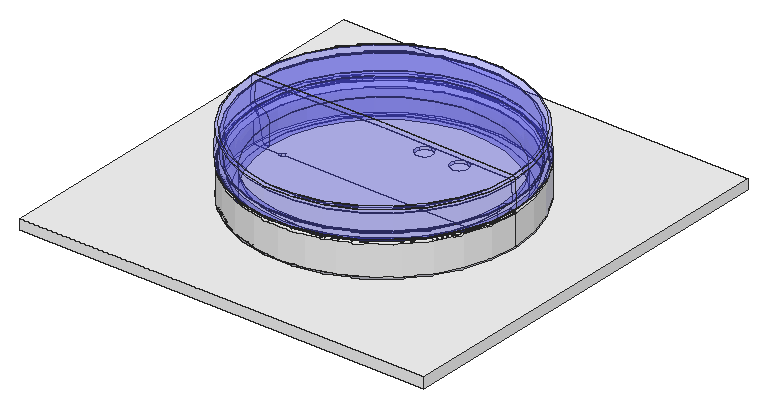
Revit family "BE_12130.1_de_DE", category Leuchten, Revit 2015
Parameters (values of type "BEGA_12130.1_K4")
  built-in parameter 1150104 = 11.053 (stored number, unit not read)
  Wattage = 17.4 W
  Default Elevation = 0 mm
  built-in parameter 1150113 = 1 (stored number, unit not read)
  built-in parameter 1114218 = 1 (stored number, unit not read)
  Umgebungstemperatur = ""
  URL = "http://www.bega.de/produkt/12130.1"
  Typenkommentare = "© 2017 BEGA. Wir behalten uns das Recht vor, technische Änderungen ohne vorherige Ankündigung vorzunehmen."  # constant formula
  built-in parameter 1150134 = 12
  built-in parameter 1150109 = 1 (stored number, unit not read)
  Strom = ""
  built-in parameter 1150110 = 1 (stored number, unit not read)
  Spannung = 239.996 V
  Sonderanfertigung = no
  Seriennummer [instance] = "Hier können Sie die eindeutige Seriennummer für das Facility Management eintragen."
  Schutzklasse = "I"
  Schutzart = "IP 65"
  Scheinlast = 0 VA
  Produktdatenblatt = "http://www.bega.de/download/Xrfa/db/12130.1.db.de.pdf"
  Oberflächentemperatur = ""
  Neigungswinkel = 0.00°
  Modell = "12130.1K4"
  Material_17 = BEGA_Reflektor
  Material_15 = BEGA_Leuchtmedium_matt
  Material_11 = BEGA_Glas_opal
  Material_09 = BEGA_Glas_klar
  Material_06 = BEGA_Oberfläche_Edelstahl_gebürstet
  Material_05 = BEGA_Oberfläche_Aluminium Guss
  Material_03 = BEGA_Oberfläche_Weiss_matt
  Material_02 = BEGA_Oberfläche_Silber_matt
  Material_01 [instance] = BEGA_Oberfläche_Grafit_matt
  M_W = no
  M_G = no
  M_A = no
  Logo = 0
  built-in parameter 1114217 = 1 (stored number, unit not read)
  built-in parameter 1150139 = (empty or 0)
  built-in parameter 1150105 = 164.73 (stored number, unit not read)
  built-in parameter 1150114 = 1 (stored number, unit not read)
  Lumens = 2070.08 lm
  built-in parameter 1150115 = 1 (stored number, unit not read)
  Leuchtenlichtstrom = "1123 lm"
  Leuchtenanzahl = ""
  Lebensdauerkriterien = "L70 = 50.000 h"
  Lastklassifizierung = Beleuchtung
  built-in parameter 1150112 = 1 (stored number, unit not read)
  Lampenlichtstrom = "2070 lm"
  Lampe = "LED 17.4 W"
  LED_Modulbezeichnung = "LED-0448/840"
  Hersteller = "BEGA"  # constant formula
  Halbstreuwinkel = ""
  Gewicht = "2.4 kg"
  Gebrauchslageneinschränkung [instance] = ""
  Frequenz = "0/50-60 Hz"
  Farbwiedergabeindex = "Ra > 80"
  Farbtemperaturverschiebung bei Dämpfen der Lampe = <Keine Auswahl>
  Farbtemperatur = "4000 K"
  Color Filter = 16777215
  built-in parameter 1150133 = 10 (stored number, unit not read)
  Energieeffizienzklasse = "LED A++ - A"
  built-in parameter 1150137 = (empty or 0)
  built-in parameter 1150132 = (empty or 0)
  ENEC = "ja"
  Dimmbar [instance] = "DALI"
  Datei für fotometrisches Netz = "BE_12130K4.IES"
  CE_Konformität = "ja"
  Bestellnummer = "12130.1K4"
  Beschreibung_Sonderanfertigung = "Hier können Sie Informationen zur Sonderanfertigung eintragen."
  Beschreibung = "Decken- und Wandleuchte"
  built-in parameter 1150106 = 1.6473 (stored number, unit not read)
  Befestigungsbohrung = "Ø 5,5 mm"
  Befestigungsabstand = "190 mm"
  Ballwurfsicher = ""
  BEGA_Intern_aus = yes
  BEGA_Intern_an = yes
  BEGA_Intern_Konstruktion = yes
  BEGA_Intern = yes
  BEGA_IES = yes
  BEGA_Dummy = no
  Anschlussleitung = ""
  Anschlussleistung [instance] = "21 W"
  Anschlusskasten = ""
  built-in parameter 1150107 = 4000 (stored number, unit not read)
  built-in parameter 1150102 = (empty or 0)
  built-in parameter 1150138 = (empty or 0)
  Aktualisierung = "2017-06-16T04:08:16"
  Abstand_zur_angestrahlten_Fläche [instance] = ""
  AC/DC = "AC/DC"
Types (2, lengths in mm): name | built-in parameter 1150104 | built-in parameter 1150134 | Modell | built-in parameter 1150105 | Lumens | Leuchtenlichtstrom | Lampenlichtstrom | LED_Modulbezeichnung | Farbtemperatur | Datei für fotometrisches Netz | Bestellnummer | built-in parameter 1150106 | built-in parameter 1150107
  BEGA_12130.1_K4 | 11.053 (stored number, unit not read) | 12 | "12130.1K4" | 164.73 (stored number, unit not read) | 2070.08 lm | "1123 lm" | "2070 lm" | "LED-0448/840" | "4000 K" | "BE_12130K4.IES" | "12130.1K4" | 1.6473 (stored number, unit not read) | 4000 (stored number, unit not read)
  BEGA_12130.1_K3 | 10.465 (stored number, unit not read) | (empty or 0) | "12130.1" | 155.97 (stored number, unit not read) | 1959.94 lm | "1064 lm" | "1960 lm" | "LED-0448/830" | "3000 K" | "BE_12130.IES" | "12130.1" | 1.5597 (stored number, unit not read) | 3000 (stored number, unit not read)
Reference planes
  plane 1 "Mitte (Vorne/Hinten)": y = 0
  plane 2: z = 0
  plane 3 "Mitte (Links/Rechts)": x = 0
  plane 4 "Links": x = -131.499
  plane 5 "Rechts": x = 131.499
  plane 6 "Unten": y = -131.5
  plane 7 "Oben": y = 131.5
  plane 8 "Vorne": z = 67.043
  plane 9 "Hinten": z = 0
Forms (mm)
  Extrusion 1, solid, material "BEGA_Platte_Weiss"
    sketch origin (0, -1119.2, 0) x (1, 0, 0) y (0, 1, 0)
      loop
        line (-200, 1319.2) -> (-200, 919.2) -> (200, 919.2) -> (200, 1319.2) -> (-200, 1319.2)
    from 0 to -10
  Extrusion 2, solid, material "BEGA_Dummy_matt", visible <- "BEGA_Dummy"
    sketch origin (77.149, -76.023, 0) x (1, 0, 0) y (0, 1, 0)
      loop
        circle (-77.149, 76.023) r 131.499
    from 0 to 67.043
Dimensions and locks
  plane 1 "Mitte (Vorne/Hinten)" to Extrusion 1 = 200 mm
  aligned and locked: plane 2 to Extrusion 1
  aligned and locked: level to Extrusion 1
Nested families
  nested 1: "BE_12130.1" at (0, 0, 0), type "BE_12130.1"
Connectors
  electrical at (0, 0, 0), driven by "Lastklassifizierung", driven by "Spannung", driven by "Scheinlast"
    settings: index 1, voltage 239.996 V, apparent load 0 VA, apparent load phase1 0 VA, apparent load phase2 0 VA, apparent load phase3 0 VA, power factor 1, load classification "Beleuchtung", number of poles 1, system type 31, power factor state 1, is connector primary yes, connector utility no, sub classification motor no, connector description ""
Definition of nested family "BE_12130.1"
  Parameters (values of type "BE_12130.1")
    Default Elevation = 1 mm
    URL = "http://www.bega.de/de/produkt"
    Type Comments = "© 2015 BEGA. Wir behalten uns das Recht vor, technische Änderungen ohne vorherige Ankündigung vorzunehmen. "  # constant formula
    Type Image = (empty or 0)
    Neigungswinkel_um_Z2 = 0.00°
    Neigungswinkel_um_Z1 = 0.00°
    Neigungswinkel_um_Y2 = 0.00°
    Neigungswinkel_um_Y1 = 0.00°
    Neigungswinkel_um_X2 = 0.00°
    Neigungswinkel_um_X1 = 0.00°
    Material_17 = none
    Material_15 = none
    Material_11 = none
    Material_09 = none
    Material_06 = none
    Material_05 = none
    Material_03 = none
    Material_02 = none
    Material_01 = none
    M_W = yes
    M_G = yes
    M_A = yes
    Länge_Platte = 400 mm  # constant formula
    Höhe_Platte = -10 mm  # constant formula
    Manufacturer = "BEGA"  # constant formula
    Drehwinkel_um_Z2 = 0.00°
    Drehwinkel_um_Z1 = 0.00°
    Breite_Platte = 400 mm  # constant formula
  Reference planes
    plane 1 "Mitte (Oben/Unten)": y = 0
    plane 2: z = 0
    plane 3 "Mitte (Links/Rechts)": x = 0
    plane 4: x = -131.499
    plane 5: z = 67.043
    plane 6: x = 131.499
    plane 7: y = -131.5
    plane 8: y = 131.5
  Forms (mm)
    Extrusion 1, solid, detail levels medium
      sketch origin (0, 0, 0) x (1, 0, 0) y (0, 1, 0)
        loop
          line (-200, 200) -> (-200, -200) -> (200, -200) -> (200, 200) -> (-200, 200)
      from 0 to -10 <- "Höhe_Platte"
    Revolve 2, solid, material <- "Material_03", detail levels medium+fine
      sketch origin (0, 0, 0) x (1, 0, 0) y (0, 0, 1)
        loop
          arc (-130.4, 3.5) -> (-129.814, 2.086) -> (-128.39, 1.49) r 2
          line (-128.39, 1.49) -> (0, 1.49) -> (0, 3.5) -> (-128.2, 3.5)
          arc (-128.2, 3.5) -> (-128.907, 3.793) -> (-129.2, 4.5) r 1
          line (-129.2, 4.5) -> (-129.2, 33.002) -> (-124.849, 28.651) -> (-124, 29.499) -> (-128.093, 33.592)
          arc (-128.093, 33.592) -> (-128.532, 33.886) -> (-129.05, 33.99) r 1.35
          arc (-129.05, 33.99) -> (-130.003, 33.596) -> (-130.4, 32.645) r 1.35
          line (-130.4, 32.645) -> (-130.4, 3.5)
        axis (0, 1.49) -> (0, 33.99)
      angle from 0 to 360
    Revolve 3, solid, material <- "Material_03", detail levels medium+fine
      sketch origin (0, 0, 0) x (1, 0, 0) y (0, 0, 1)
        loop
          arc (-109.291, 0.446) -> (-108.533, 0.114) -> (-107.714, 0) r 3
          line (-107.714, 0) -> (-100, 0) -> (-100, 2.209) -> (-112.15, 2.209) -> (-109.291, 0.446)
        axis (-100, 0) -> (-100, 2.209)
      angle from 0 to 360
    Revolve 4, solid, material <- "Material_03", detail levels medium+fine
      sketch origin (0, 0, 0) x (-1, 0, 0) y (0, 0, -1)
        loop
          line (-109.291, -0.446) -> (-112.15, -2.209) -> (-100, -2.209) -> (-100, 0) -> (-107.714, 0)
          arc (-107.714, 0) -> (-108.533, -0.114) -> (-109.291, -0.446) r 3
        axis (-100, 0) -> (-100, -2.209)
      angle from 0 to 360
    Revolve 5, solid, material <- "Material_11", detail levels medium+fine
      sketch origin (0, 0, 0) x (1, 0, 0) y (0, 0, 1)
        loop
          arc (-128.634, 65.043) -> (-129.995, 64.466) -> (-130.588, 63.111) r 2
          line (-130.588, 63.111) -> (-131.499, 37.036)
          arc (-131.499, 37.036) -> (-130.952, 35.588) -> (-129.535, 34.964) r 2
          line (-129.535, 34.964) -> (-124.456, 34.876) -> (-118.5, 6.5) -> (-112.5, 6.5) -> (-112.5, 26.875)
          arc (-112.5, 26.875) -> (-115.966, 35.311) -> (-124.36, 38.875) r 12
          arc (-124.36, 38.875) -> (-126.497, 39.804) -> (-127.324, 41.983) r 3
          line (-127.324, 41.983) -> (-126.762, 58.054)
          arc (-126.762, 58.054) -> (-125.872, 60.084) -> (-123.83, 60.948) r 3
          arc (-123.83, 60.948) -> (-61.918, 62.105) -> (0, 62.842) r 9145.004
          line (0, 62.842) -> (0, 67.043)
          arc (0, 67.043) -> (-64.321, 66.269) -> (-128.634, 65.043) r 9149.205
        axis (0, 6.5) -> (0, 67.043)
      angle from 0 to 360
    Extrusion 6, void
      sketch origin (0, 0, 0) x (0.939692, -0.342021, 0) y (0.342021, 0.939692, 0)
        loop
          circle (-41.07, 61.673) r 8.461
        loop
          circle (-93.969, -34.202) r 2.75
        loop
          circle (93.969, 34.202) r 2.75
        loop
          circle (-8.181, 73.643) r 8.461
      from 0 to 10
  Cuts and joins
    Extrusion 6 cuts Revolve 2
    Extrusion 6 cuts Revolve 3
    Extrusion 6 cuts Revolve 4
    joined: Revolve 2, Revolve 3, Revolve 4
  Dimensions and locks
    equal spacing: Extrusion 1 sketch curve, plane 3 "Mitte (Links/Rechts)", Extrusion 1 sketch curve
    equal spacing: Extrusion 1 sketch curve, plane 1 "Mitte (Oben/Unten)", Extrusion 1 sketch curve
    "Länge_Platte": Extrusion 1 sketch curve to Extrusion 1 sketch curve
    "Breite_Platte": Extrusion 1 sketch curve to Extrusion 1 sketch curve
    aligned and locked: plane 2 to Extrusion 1
    aligned and locked: level to Extrusion 1
  Automatic sketch dimensions
    Revolve 2 sketch curve to Revolve 2 sketch curve = 0 mm  (x7)
    Revolve 2 sketch curve to plane 3 "Mitte (Links/Rechts)" = 0 mm  (x2)
    level to Revolve 2 sketch curve = 29.499 mm
    level to Revolve 2 sketch curve = 28.651 mm
    Revolve 2 sketch curve to Revolve 2 sketch curve = 0.849 mm
    level to Revolve 2 sketch curve = 33.592 mm
    Revolve 2 sketch curve to Revolve 2 sketch curve = 4.093 mm
    level to Revolve 2 sketch curve = 3.5 mm
    Revolve 2 sketch curve to Revolve 2 sketch curve = 3.351 mm
    Revolve 2 sketch curve to Revolve 2 sketch curve = 0.2 mm
    Revolve 2 sketch curve to Revolve 2 sketch curve = 0.957 mm
    level to Revolve 2 sketch curve = 33.002 mm
    Revolve 2 sketch curve to Revolve 2 sketch curve = 0.15 mm  (x2)
    Revolve 2 sketch curve to Revolve 2 sketch curve = 1.2 mm
    level to Revolve 2 sketch curve = 1.49 mm
    Revolve 2 sketch curve to Revolve 2 sketch curve = 0.362 mm
    Revolve 2 sketch curve to Revolve 2 sketch curve = 0.357 mm
    Revolve 2 sketch curve to Revolve 2 sketch curve = 0.01 mm  (x2)
    Revolve 2 sketch curve to level = 1.538 mm
    Revolve 2 sketch curve to Revolve 2 sketch curve = 1 mm
    Revolve 2 sketch curve to Revolve 2 sketch curve = 8.697 mm
    Revolve 5 sketch curve to Revolve 5 sketch curve = 0 mm  (x10)
    Revolve 5 sketch curve to plane 3 "Mitte (Links/Rechts)" = 0 mm  (x2)
    level to Revolve 5 sketch curve = 6.5 mm
    Revolve 5 sketch curve to Revolve 5 sketch curve = 6 mm
    Revolve 5 sketch curve to Revolve 5 sketch curve = 11.264 mm
    Revolve 5 sketch curve to Revolve 5 sketch curve = 0.561 mm
    level to Revolve 5 sketch curve = 34.876 mm
    Revolve 5 sketch curve to Revolve 5 sketch curve = 0.131 mm
    Revolve 5 sketch curve to Revolve 5 sketch curve = 0.044 mm
    level to Revolve 5 sketch curve = 41.983 mm
    Revolve 5 sketch curve to Revolve 5 sketch curve = 2.998 mm  (x2)
    Revolve 5 sketch curve to Revolve 5 sketch curve = 4.825 mm
    Revolve 5 sketch curve to Revolve 5 sketch curve = 5.044 mm
    Revolve 5 sketch curve to Revolve 5 sketch curve = 1.999 mm  (x2)
    level to Revolve 5 sketch curve = 37.036 mm
    plane 3 "Mitte (Links/Rechts)" to Revolve 5 sketch curve = 77.874 mm
    Revolve 5 sketch curve to level = 9081.831 mm
    Revolve 5 sketch curve to Revolve 5 sketch curve = 8 mm
    Revolve 5 sketch curve to Revolve 5 sketch curve = 0.072 mm
    Revolve 5 sketch curve to Revolve 5 sketch curve = 0.109 mm
    Revolve 5 sketch curve to Revolve 5 sketch curve = 16.075 mm
    level to Revolve 5 sketch curve = 62.842 mm
    Revolve 5 sketch curve to Revolve 5 sketch curve = 5.094 mm
    Revolve 5 sketch curve to Revolve 5 sketch curve = 0.068 mm
    Revolve 5 sketch curve to Revolve 5 sketch curve = 4.201 mm
    Revolve 5 sketch curve to Revolve 5 sketch curve = 0.065 mm
    Revolve 5 sketch curve to Revolve 5 sketch curve = 0.001 mm  (x2)
    Revolve 5 sketch curve to Revolve 5 sketch curve = 0.035 mm  (x2)
    Revolve 5 sketch curve to Revolve 5 sketch curve = 0.045 mm
    level to Revolve 5 sketch curve = 34.964 mm
    Revolve 5 sketch curve to Revolve 5 sketch curve = 0.105 mm
    Revolve 5 sketch curve to Revolve 5 sketch curve = 1.307 mm
    Revolve 2 sketch curve to plane 4 = 7.499 mm
    Revolve 5 sketch curve to plane 4 = 18.999 mm
    level to Revolve 3 sketch curve = 2.209 mm
    level to Revolve 3 sketch curve = 3 mm
    Revolve 3 sketch curve to Revolve 3 sketch curve = 4.435 mm
    Revolve 3 sketch curve to Revolve 3 sketch curve = 7.714 mm
    Revolve 3 sketch curve to level = 0 mm
    level to Revolve 3 sketch curve = 0.446 mm
    Revolve 3 sketch curve to Revolve 3 sketch curve = 1.577 mm
    Revolve 3 sketch curve to Revolve 3 sketch curve = 0.002 mm
    Revolve 3 sketch curve to Revolve 3 sketch curve = 0 mm
    Revolve 3 sketch curve to Revolve 3 sketch curve = 0.649 mm
    Revolve 3 sketch curve to Revolve 3 sketch curve = 0.587 mm
    level to Revolve 4 sketch curve = 2.209 mm
    level to Revolve 4 sketch curve = 3 mm
    Revolve 4 sketch curve to Revolve 4 sketch curve = 4.435 mm
    Revolve 4 sketch curve to Revolve 4 sketch curve = 7.714 mm
    Revolve 4 sketch curve to level = 0 mm
    level to Revolve 4 sketch curve = 0.446 mm
    Revolve 4 sketch curve to Revolve 4 sketch curve = 1.577 mm
    Revolve 4 sketch curve to Revolve 4 sketch curve = 0.002 mm
    Revolve 4 sketch curve to Revolve 4 sketch curve = 0 mm
    Revolve 4 sketch curve to Revolve 4 sketch curve = 0.587 mm
    Revolve 4 sketch curve to Revolve 4 sketch curve = 0.649 mm
    Extrusion 6 sketch curve to plane 1 "Mitte (Oben/Unten)" = 0 mm
    Extrusion 6 sketch curve to plane 4 = 31.499 mm
    Extrusion 6 sketch curve to Extrusion 6 sketch curve = 52.899 mm
    Extrusion 6 sketch curve to Extrusion 6 sketch curve = 32.889 mm
    Extrusion 6 sketch curve to Extrusion 6 sketch curve = 68.404 mm
    Extrusion 6 sketch curve to Extrusion 6 sketch curve = 95.875 mm
    Extrusion 6 sketch curve to Extrusion 6 sketch curve = 11.971 mm
    Extrusion 6 sketch curve to Extrusion 6 sketch curve = 102.15 mm
    radius of Extrusion 6 sketch curve = 8.461 mm  (x2)
    radius of Extrusion 6 sketch curve = 2.75 mm  (x2)
